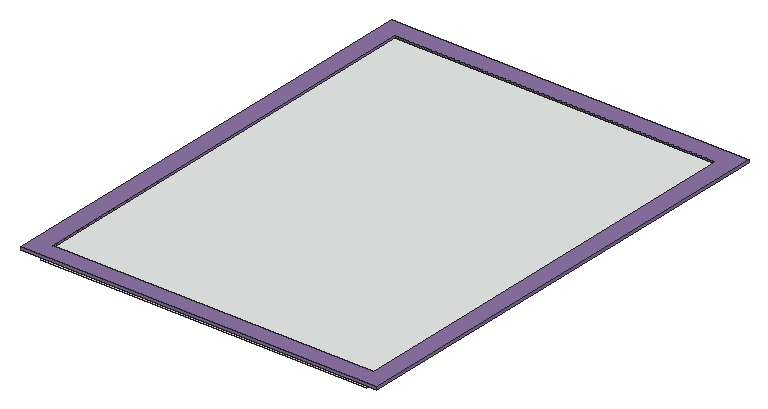
Revit family "Clarus_Float Transition_R19", category Furniture, host Face, Revit 2019
Family settings
  Host = Face
  Cut with Voids When Loaded = No
  Shared = No
  Room Calculation Point = No
Parameters (values of type "36" X 48"")
  Width = 36"
  URL = "https://www.clarus.com/"
  TRC Standards [instance] = "http://therevitcollection.com/news/trc-news-the-revit-collection-standards-explained/"
  Insert [instance] = Clarus Stainless Steel
  Product URL = "https://www.clarus.com/float-transition/"
  More Revit Families! [instance] = "www.therevitcollection.com"
  Modeled By = "Commense Studio"  # constant formula
  Model = "Float Transition"  # constant formula
  Manufacturer = "Clarus"  # constant formula
  Glass Thickness = 1/4"
  Clarus Glass [instance] = CBC-705 Personable Purple
  Description = "When inspiration strikes, make sure you have the perfect canvas to capture your creativity.\r\nWhile maintaining the sleek design and concealed hardware of the traditional Float™\r\nglassboard, Float Transition allows you to interchange your graphics, signage, or artwork as\r\ninspiration arises. The proprietary hardware, designed by Clarus engineers, not only allows\r\nfor easier mounting on uneven surfaces, but also features spring-loaded pressure points\r\nthat enables users to utilize graphic inserts of various thicknesses up to 1/4''."  # constant formula
  Height = 48"
  Designer = ""
  Depth = 1"  # constant formula
  Default Elevation = 0"
  Backer & Mount [instance] = CBC-100 Pure White
  Assembly Code = ""
Types (13): name | Width | Insert | Clarus Glass | Height
  (no name) | 36" | Clarus Stainless Steel | CBC-705 Personable Purple | 48"
  12" X 18" | 12" | Clarus Stainless Steel | CBC-223 Deep Blue | 18"
  8.5" X 11" | 8 1/2" | Clarus Stainless Steel | CBC-223 Deep Blue | 11"
  14" X 22" | 14" | Clarus Stainless Steel | CBC-306 Gallant Green | 22"
  14" X 36" | 14" | Clarus Stainless Steel | CBC-306 Gallant Green | 36"
  18" X 24" | 18" | Clarus Stainless Steel | CBC-503 POP Orange | 24"
  20" X 30" | 20" | CBC-100 Pure White | CBC-503 POP Orange | 30"
  24" X 36" | 24" | Clarus Stainless Steel | CBC-503 POP Orange | 36"
  22" X 28" | 22" | Clarus Stainless Steel | CBC-503 POP Orange | 28"
  30" X 40" | 30" | Clarus Stainless Steel | CBC-603 POP Pink | 40"
  27" X 40" | 27" | Clarus Stainless Steel | CBC-603 POP Pink | 40"
  11" X 17" | 11" | Clarus Stainless Steel | CBC-705 Personable Purple | 17"
  36" X 48" | 36" | Clarus Stainless Steel | CBC-705 Personable Purple | 48"
Reference planes (in)
  plane 1 "Center (Front/Back)": y = 0
  plane 2: z = 0
  plane 3 "Center (Left/Right)": x = 0
  plane 4 "L": x = -18
  plane 5 "R": x = 18
  plane 6 "B": y = 24
  plane 7 "F": y = -24
  plane 8: z = 1
  plane 9: z = 0.75
  plane 10: y = 26
  plane 11: x = 20
  plane 12: y = -26
  plane 13: x = -20
  plane 14: y = 25
  plane 15: y = -25
  plane 16: x = -19
  plane 17: x = 19
  plane 18: y = 25.25
  plane 19: y = 24.75
  plane 20: y = -25.25
  plane 21: y = -24.75
  plane 22: z = 0.375
  plane 23: z = 0.5
Forms (in)
  Extrusion 1, solid, material "Clarus Stainless Steel" <- "Insert"
    sketch origin (0, 0, 0) x (1, 0, 0) y (0, 1, 0)
      loop
        line (-18.25, 24.25) -> (-18.25, -24.25) -> (18.25, -24.25) -> (18.25, 24.25) -> (-18.25, 24.25)
    from 0.5 to 0.75
  Extrusion 2, solid, material "CBC-705 Personable Purple" <- "Clarus Glass"
    sketch origin (0, 0, 0) x (1, 0, 0) y (0, 1, 0)
      loop
        line (-20, 26) -> (-20, -26) -> (20, -26) -> (20, 26) -> (-20, 26)
      loop
        line (-18, 24) -> (-18, -24) -> (18, -24) -> (18, 24) -> (-18, 24)
    from 0.75 to 1
  Extrusion 3, solid, material "CBC-100 Pure White" <- "Backer & Mount"
    sketch origin (0, 0, 0) x (1, 0, 0) y (0, 1, 0)
      loop
        arc (-18.875, -24.75) -> (-18.96339, -24.78661) -> (-19, -24.875) r 0.125
        line (-19, -24.875) -> (-19, -25.125)
        arc (-19, -25.125) -> (-18.96339, -25.21339) -> (-18.875, -25.25) r 0.125
        line (-18.875, -25.25) -> (18.875, -25.25)
        arc (18.875, -25.25) -> (18.96339, -25.21339) -> (19, -25.125) r 0.125
        line (19, -25.125) -> (19, -24.875)
        arc (19, -24.875) -> (18.96339, -24.78661) -> (18.875, -24.75) r 0.125
        line (18.875, -24.75) -> (-18.875, -24.75)
    from 0.375 to 0.75
  Extrusion 4, solid, material "CBC-100 Pure White" <- "Backer & Mount"
    sketch origin (0, 0, 0) x (1, 0, 0) y (0, 1, 0)
      loop
        arc (-18.875, 25.25) -> (-18.96339, 25.21339) -> (-19, 25.125) r 0.125
        line (-19, 25.125) -> (-19, 24.875)
        arc (-19, 24.875) -> (-18.96339, 24.78661) -> (-18.875, 24.75) r 0.125
        line (-18.875, 24.75) -> (18.875, 24.75)
        arc (18.875, 24.75) -> (18.96339, 24.78661) -> (19, 24.875) r 0.125
        line (19, 24.875) -> (19, 25.125)
        arc (19, 25.125) -> (18.96339, 25.21339) -> (18.875, 25.25) r 0.125
        line (18.875, 25.25) -> (-18.875, 25.25)
    from 0.375 to 0.75
  Extrusion 5, solid, material "CBC-100 Pure White" <- "Backer & Mount"
    sketch origin (0, 0, 0) x (1, 0, 0) y (0, 1, 0)
      loop
        line (-18.25, 25.25) -> (-18.25, 21.75) -> (-16.12868, 19.62868) -> (-16.12868, -19.62868) -> (-18.25, -21.75) -> (-18.25, -25.25) -> (18.25, -25.25) -> (18.25, -21.75) -> (16.12868, -19.62868) -> (16.12868, 19.62868) -> (18.25, 21.75) -> (18.25, 25.25) -> (-18.25, 25.25)
    from 0 to 0.375
Dimensions and locks (in)
  equal spacing: plane 4 "L", plane 3 "Center (Left/Right)", plane 5 "R"
  "Width": plane 4 "L" to plane 5 "R"
  equal spacing: plane 7 "F", plane 1 "Center (Front/Back)", plane 6 "B"
  "Height": plane 7 "F" to plane 6 "B"
  "Depth": plane 8 to level
  "Glass Thickness": plane 8 to plane 9
  locked: plane 6 "B" to plane 10 at 2
  locked: plane 5 "R" to plane 11 at 2
  locked: plane 7 "F" to plane 12 at 2
  locked: plane 4 "L" to plane 13 at 2
  locked: plane 14 to plane 10 at 1
  plane 15 to plane 12 = 1"
  plane 13 to plane 16 = 1"
  plane 11 to plane 17 = 1"
  plane 18 to plane 14 to plane 19 = 1/4" locked, 1/4" locked
  plane 20 to plane 15 to plane 21 = 1/4" locked, 1/4" locked
  locked: plane 9 to plane 22 at 0.375
  locked: plane 9 to plane 23 at 0.25
  plane 18 to Extrusion 5 sketch curve to Extrusion 5 sketch curve = 3 1/2" locked, 2.12132" locked
  aligned and locked: plane 2 to host face
  aligned and locked: level to host face
  aligned and locked: Extrusion 2 to plane 9
  aligned and locked: plane 8 to Extrusion 2
  aligned and locked: plane 9 to Extrusion 3
  aligned and locked: plane 9 to Extrusion 4
  aligned and locked: Extrusion 3 to plane 22
  aligned and locked: Extrusion 4 to plane 22
  aligned and locked: Extrusion 1 to plane 23
  aligned and locked: plane 9 to Extrusion 1
  aligned and locked: plane 22 to Extrusion 5
  aligned and locked: Extrusion 5 sketch curve to plane 18
Automatic sketch dimensions
  host sketch curve to host sketch curve = 96"  (x2)
  Extrusion 1 sketch curve to plane 6 "B" = 1/4"
  plane 5 "R" to Extrusion 1 sketch curve = 1/4"
  Extrusion 1 sketch curve to plane 4 "L" = 1/4"
  plane 7 "F" to Extrusion 1 sketch curve = 1/4"
  Extrusion 2 sketch curve to plane 4 "L" = 2"
  plane 5 "R" to Extrusion 2 sketch curve = 2"
  plane 7 "F" to Extrusion 2 sketch curve = 2"
  Extrusion 2 sketch curve to plane 6 "B" = 2"
  plane 12 to Extrusion 2 sketch curve = 2"
  plane 13 to Extrusion 2 sketch curve = 2"
  plane 11 to Extrusion 2 sketch curve = 2"
  plane 10 to Extrusion 2 sketch curve = 2"
  Extrusion 3 sketch curve to plane 16 = 0"
  Extrusion 3 sketch curve to plane 21 = 0"
  plane 20 to Extrusion 3 sketch curve = 0"
  Extrusion 3 sketch curve to plane 17 = 0"
  Extrusion 3 sketch curve to plane 16 = 1/8"
  Extrusion 3 sketch curve to Extrusion 3 sketch curve = 1/8"  (x2)
  Extrusion 3 sketch curve to plane 15 = 1/8"
  Extrusion 4 sketch curve to plane 16 = 0"
  Extrusion 4 sketch curve to plane 18 = 0"
  plane 19 to Extrusion 4 sketch curve = 0"
  Extrusion 4 sketch curve to plane 17 = 0"
  Extrusion 4 sketch curve to plane 16 = 1/8"
  Extrusion 4 sketch curve to Extrusion 4 sketch curve = 1/8"  (x2)
  Extrusion 4 sketch curve to plane 14 = 1/8"
  Extrusion 5 sketch curve to plane 20 = 0"
  Extrusion 5 sketch curve to plane 4 "L" = 1/4"  (x2)
  plane 5 "R" to Extrusion 5 sketch curve = 1/4"  (x2)
  Extrusion 5 sketch curve to plane 7 "F" = 2 1/4"  (x2)
  plane 6 "B" to Extrusion 5 sketch curve = 4.37132"
  plane 6 "B" to Extrusion 5 sketch curve = 2 1/4"
  plane 4 "L" to Extrusion 5 sketch curve = 1.87132"
  Extrusion 5 sketch curve to plane 5 "R" = 1.87132"
  Extrusion 5 sketch curve to Extrusion 5 sketch curve = 2.12132"  (x2)
